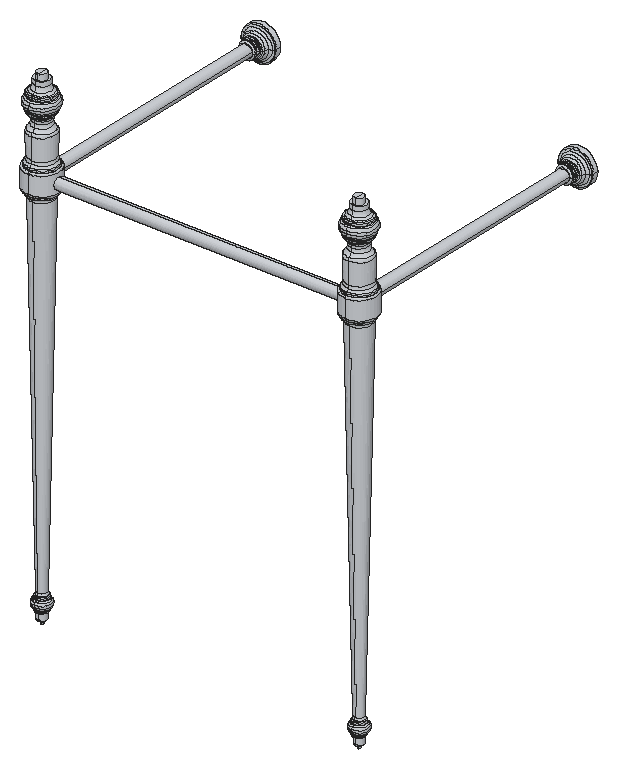
Revit family "Furniture-Console_Table_Legs-KOHLER-Memoirs-K-30009", category Specialty Equipment, host Face, Revit 2015 (continued)
Definition of nested family "K-30009"
  Lines and regions (in)
    symbolic lines, detail levels medium+fine
      curve 20: arc (-10.71875, 0, 16.95724) -> (-10.34375, 0, 16.8925) -> (-9.96875, 0, 16.95724) r 1.11844
      curve 21: arc (9.30099, 0, 18.375) -> (9.23624, 0, 18.00095) -> (9.30099, 0, 17.62689) r 1.11276
      curve 22: arc (-9.30099, 0, 18.375) -> (-9.23656, 0, 18) -> (-9.30099, 0, 17.625) r 1.12351
      curve 23: line (0, 11.10777, 0.37504) -> (0, 8.91423, 0.37504)
      curve 24: line (0, 10.58314, 0.89887) -> (0, 9.43886, 0.89887)
      curve 25: line (0, 10.50401, 0.96522) -> (0, 9.51799, 0.96522)
      curve 26: line (0, 10.52543, 1.19637) -> (0, 9.49657, 1.19637)
      curve 27: line (0, 10.386, 1.346) -> (0, 9.636, 1.346)
      curve 28: line (0, 15.765, 18.309) -> (0, 15.765, 17.691)
      curve 29: line (0, 14.99688, 18.82341) -> (0, 14.99688, 17.17659)
      curve 30: line (0, 14.80784, 18.88065) -> (0, 14.80784, 17.11935)
      curve 31: line (0, 13.98175, 18.861) -> (0, 13.98175, 17.139)
      curve 32: line (0, 13.84728, 17.16385) -> (0, 13.84728, 18.83615)
      curve 33: line (0, 12.86189, 18.78774) -> (0, 12.86189, 17.21226)
      curve 34: line (0, 10.89852, 18.95466) -> (0, 10.89852, 17.04534)
      curve 35: line (0, 10.71699, 19.00747) -> (0, 10.71699, 16.99253)
      curve 36: line (0, 9.30505, 19.00461) -> (0, 9.30505, 16.99539)
      curve 37: line (0, 9.14136, 18.95012) -> (0, 9.14136, 17.04988)
      curve 38: line (0, -16.094, 18.084) -> (0, -16.094, 17.916)
      curve 39: line (0, -15.875, 18.084) -> (0, -15.875, 17.916)
      curve 40: line (0, -15.33512, 18.294) -> (0, -15.33512, 17.706)
      curve 41: line (0, -15.16801, 18.43966) -> (0, -15.16801, 17.56034)
      curve 42: line (0, -14.58531, 18.43349) -> (0, -14.58531, 17.56651)
      curve 43: line (0, -14.42168, 18.39394) -> (0, -14.42168, 17.60606)
      curve 44: line (-10.42775, -16.094, 0) -> (-10.25975, -16.094, 0)
      curve 45: line (-10.42775, -15.875, 0) -> (-10.25975, -15.875, 0)
      curve 46: line (-10.63775, -15.33512, 0) -> (-10.04975, -15.33512, 0)
      curve 47: line (-10.75844, -15.21798, 0) -> (-9.92906, -15.21798, 0)
      curve 48: line (-10.77724, -14.58531, 0) -> (-9.91026, -14.58531, 0)
      curve 49: line (-10.73769, -14.42168, 0) -> (-9.94981, -14.42168, 0)
      curve 50: line (-11.29387, 9.14136, 0) -> (-9.39363, 9.14136, 0)
      curve 51: line (-11.34836, 9.30505, 0) -> (-9.33914, 9.30505, 0)
      curve 52: line (-11.35122, 10.71699, 0) -> (-9.33628, 10.71699, 0)
      curve 53: line (-11.29841, 10.89852, 0) -> (-9.38909, 10.89852, 0)
      curve 54: line (-11.13149, 12.86189, 0) -> (-9.55601, 12.86189, 0)
      curve 55: line (-11.13226, 13.80614, 0) -> (-9.55524, 13.80614, 0)
      curve 56: line (-11.20475, 13.98175, 0) -> (-9.48275, 13.98175, 0)
      curve 57: line (-11.20498, 14.85323, 0) -> (-9.48252, 14.85323, 0)
      curve 58: line (-11.16716, 14.99688, 0) -> (-9.52034, 14.99688, 0)
      curve 59: line (-10.65275, 15.765, 0) -> (-10.03475, 15.765, 0)
      curve 60: arc (-9.23625, 10.386, 0) -> (-9.30291, 10.01101, 0) -> (-9.23625, 9.63602, 0) r 1.08815
      curve 61: line (10.42775, -16.094, 0) -> (10.25975, -16.094, 0)
      curve 62: line (10.42775, -15.875, 0) -> (10.25975, -15.875, 0)
      curve 63: line (10.63775, -15.33512, 0) -> (10.04975, -15.33512, 0)
      curve 64: line (10.75844, -15.21798, 0) -> (9.92906, -15.21798, 0)
      curve 65: line (10.77724, -14.58531, 0) -> (9.91026, -14.58531, 0)
      curve 66: line (10.73769, -14.42168, 0) -> (9.94981, -14.42168, 0)
      curve 67: line (11.29387, 9.14136, 0) -> (9.39363, 9.14136, 0)
      curve 68: line (11.34836, 9.30505, 0) -> (9.33914, 9.30505, 0)
      curve 69: line (11.35122, 10.71699, 0) -> (9.33628, 10.71699, 0)
      curve 70: line (11.29841, 10.89852, 0) -> (9.38909, 10.89852, 0)
      curve 71: line (11.13149, 12.86189, 0) -> (9.55601, 12.86189, 0)
      curve 72: line (11.13226, 13.80614, 0) -> (9.55524, 13.80614, 0)
      curve 73: line (11.20475, 13.98175, 0) -> (9.48275, 13.98175, 0)
      curve 74: line (11.20498, 14.85323, 0) -> (9.48252, 14.85323, 0)
      curve 75: line (11.16716, 14.99688, 0) -> (9.52034, 14.99688, 0)
      curve 76: line (10.65275, 15.765, 0) -> (10.03475, 15.765, 0)
      curve 77: arc (9.23625, 10.386, 0) -> (9.30291, 10.01101, 0) -> (9.23625, 9.63602, 0) r 1.08815
      curve 78: arc (0, 9.636, 16.8925) -> (0, 10.011, 16.95621) -> (0, 10.386, 16.8925) r 1.13557
  Dimensions and locks (in)
    locked: plane 4 to plane 5 at 20.6875
    locked: plane 6 to plane 7 at 32.25
    locked: plane 8 to level at 18
    aligned and locked: plane 2 to level
Types (5): name | Type | Model | Finish
  (no name) | 1 | "K-30009-CP" | Kohler-Metal-CP-Polished_Chrome
  CP-Polished Chrome | 1 | "K-30009-CP" | Kohler-Metal-CP-Polished_Chrome
  BN-Vibrant Brushed Nickel | 2 | "K-30009-BN" | Kohler-Metal-BN-Vibrant_Brushed_Nickel
  BV-Vibrant Brushed Bronze | 3 | "K-30009-BV" | Kohler-Metal-BV-Brushed_Bronze
  2BZ-Oil_Rubbed Bronze | 4 | "K-30009-2BZ" | Kohler-Metal-2BZ-Oil_Rubbed_Bronze
